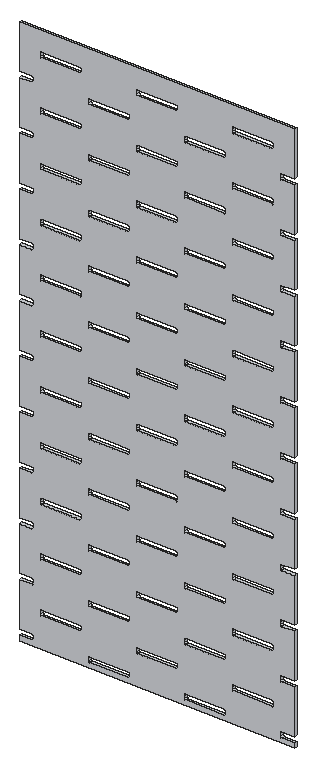
Revit family "J2 PET Felt Room Divider Basket", category Specialty Equipment, Revit 2022
Family settings
  Round Connector Dimension = Use Diameter
  Part Type = Normal
  Work Plane-Based = No
  Always vertical = Yes
  Cut with Voids When Loaded = No
  Maintain Annotation Orientation = No
  Shared = No
  Room Calculation Point = No
Parameters
  URL = "https://www.j2systems.net/"
  Style Number = "RDBASK"  # constant formula
  Symbol Name = "RDBASK"  # constant formula
  Release Date = "2019"  # constant formula
  Product Line = "Room Divider"  # constant formula
  Model = "Basket"  # constant formula
  Manufacturer = "J2 Systems"  # constant formula
  Keynote = ""
  Felt Color = none
  Default Elevation = 0' - 0"
Reference planes (in)
  plane 1 "Center (Front/Back)": y = 0
  plane 2: z = 0
  plane 3 "Center (Left/Right)": x = 0
Forms (in)
  Extrusion 1, solid, material <- "Felt Color"
    sketch origin (0, 0, 0) x (1, 0, 0) y (0, 0, 1)
      loop
        line (-23.5, 0) -> (23.5, 0) -> (23.5, 0.84868) -> (21.39583, 0.84868)
        arc (21.39583, 0.84868) -> (21.2141, 0.92396) -> (21.13883, 1.10569) r 0.257
        line (21.13883, 1.10569) -> (21.13883, 1.54822)
        arc (21.13883, 1.54822) -> (21.2141, 1.72995) -> (21.39583, 1.80523) r 0.257
        line (21.39583, 1.80523) -> (23.5, 1.80523) -> (23.5, 9.41221) -> (21.39583, 9.41221)
        arc (21.39583, 9.41221) -> (21.2141, 9.48748) -> (21.13883, 9.66921) r 0.257
        line (21.13883, 9.66921) -> (21.13883, 10.11175)
        arc (21.13883, 10.11175) -> (21.2141, 10.29347) -> (21.39583, 10.36875) r 0.257
        line (21.39583, 10.36875) -> (23.5, 10.36875) -> (23.5, 17.97298) -> (21.39583, 17.97298)
        arc (21.39583, 17.97298) -> (21.2141, 18.04825) -> (21.13883, 18.22998) r 0.257
        line (21.13883, 18.22998) -> (21.13883, 18.67252)
        arc (21.13883, 18.67252) -> (21.2141, 18.85425) -> (21.39583, 18.92952) r 0.257
        line (21.39583, 18.92952) -> (23.5, 18.92952) -> (23.5, 26.53375) -> (21.39583, 26.53375)
        arc (21.39583, 26.53375) -> (21.2141, 26.60902) -> (21.13883, 26.79075) r 0.257
        line (21.13883, 26.79075) -> (21.13883, 27.23329)
        arc (21.13883, 27.23329) -> (21.2141, 27.41502) -> (21.39583, 27.49029) r 0.257
        line (21.39583, 27.49029) -> (23.5, 27.49029) -> (23.5, 35.09589) -> (21.39583, 35.09589)
        arc (21.39583, 35.09589) -> (21.2141, 35.17117) -> (21.13883, 35.3529) r 0.257
        line (21.13883, 35.3529) -> (21.13883, 35.79543)
        arc (21.13883, 35.79543) -> (21.2141, 35.97716) -> (21.39583, 36.05243) r 0.257
        line (21.39583, 36.05243) -> (23.5, 36.05243) -> (23.5, 43.65666) -> (21.39583, 43.65666)
        arc (21.39583, 43.65666) -> (21.2141, 43.73194) -> (21.13883, 43.91367) r 0.257
        line (21.13883, 43.91367) -> (21.13883, 44.3562)
        arc (21.13883, 44.3562) -> (21.2141, 44.53793) -> (21.39583, 44.61321) r 0.257
        line (21.39583, 44.61321) -> (23.5, 44.61321) -> (23.5, 52.21744) -> (21.39583, 52.21744)
        arc (21.39583, 52.21744) -> (21.2141, 52.29271) -> (21.13883, 52.47444) r 0.257
        line (21.13883, 52.47444) -> (21.13883, 52.91698)
        arc (21.13883, 52.91698) -> (21.2141, 53.09871) -> (21.39583, 53.17398) r 0.257
        line (21.39583, 53.17398) -> (23.5, 53.17398) -> (23.5, 60.77959) -> (21.39583, 60.77959)
        arc (21.39583, 60.77959) -> (21.2141, 60.85486) -> (21.13883, 61.03659) r 0.257
        line (21.13883, 61.03659) -> (21.13883, 61.47913)
        arc (21.13883, 61.47913) -> (21.2141, 61.66085) -> (21.39583, 61.73613) r 0.257
        line (21.39583, 61.73613) -> (23.5, 61.73613) -> (23.5, 69.33761) -> (21.39583, 69.33761)
        arc (21.39583, 69.33761) -> (21.2141, 69.41288) -> (21.13883, 69.59461) r 0.257
        line (21.13883, 69.59461) -> (21.13883, 70.03715)
        arc (21.13883, 70.03715) -> (21.2141, 70.21888) -> (21.39583, 70.29415) r 0.257
        line (21.39583, 70.29415) -> (23.5, 70.29415) -> (23.5, 77.89838) -> (21.39583, 77.89838)
        arc (21.39583, 77.89838) -> (21.2141, 77.97366) -> (21.13883, 78.15538) r 0.257
        line (21.13883, 78.15538) -> (21.13883, 78.59792)
        arc (21.13883, 78.59792) -> (21.2141, 78.77965) -> (21.39583, 78.85492) r 0.257
        line (21.39583, 78.85492) -> (23.5, 78.85492) -> (23.5, 86.45916) -> (21.39583, 86.45916)
        arc (21.39583, 86.45916) -> (21.2141, 86.53443) -> (21.13883, 86.71616) r 0.257
        line (21.13883, 86.71616) -> (21.13883, 87.15869)
        arc (21.13883, 87.15869) -> (21.2141, 87.34042) -> (21.39583, 87.4157) r 0.257
        line (21.39583, 87.4157) -> (23.5, 87.4157) -> (23.5, 95) -> (-23.5, 95) -> (-23.5, 87.4157) -> (-21.39566, 87.4157)
        arc (-21.39566, 87.4157) -> (-21.21394, 87.34042) -> (-21.13866, 87.15869) r 0.257
        line (-21.13866, 87.15869) -> (-21.13866, 86.71616)
        arc (-21.13866, 86.71616) -> (-21.21394, 86.53443) -> (-21.39566, 86.45916) r 0.257
        line (-21.39566, 86.45916) -> (-23.5, 86.45916) -> (-23.5, 78.85492) -> (-21.39566, 78.85492)
        arc (-21.39566, 78.85492) -> (-21.21394, 78.77965) -> (-21.13866, 78.59792) r 0.257
        line (-21.13866, 78.59792) -> (-21.13866, 78.15538)
        arc (-21.13866, 78.15538) -> (-21.21394, 77.97366) -> (-21.39566, 77.89838) r 0.257
        line (-21.39566, 77.89838) -> (-23.5, 77.89838) -> (-23.5, 70.29415) -> (-21.39566, 70.29415)
        arc (-21.39566, 70.29415) -> (-21.21394, 70.21888) -> (-21.13866, 70.03715) r 0.257
        line (-21.13866, 70.03715) -> (-21.13866, 69.59461)
        arc (-21.13866, 69.59461) -> (-21.21394, 69.41288) -> (-21.39566, 69.33761) r 0.257
        line (-21.39566, 69.33761) -> (-23.5, 69.33761) -> (-23.5, 61.73613) -> (-21.39566, 61.73613)
        arc (-21.39566, 61.73613) -> (-21.21394, 61.66085) -> (-21.13866, 61.47913) r 0.257
        line (-21.13866, 61.47913) -> (-21.13866, 61.03659)
        arc (-21.13866, 61.03659) -> (-21.21394, 60.85486) -> (-21.39566, 60.77959) r 0.257
        line (-21.39566, 60.77959) -> (-23.5, 60.77959) -> (-23.5, 53.17398) -> (-21.39566, 53.17398)
        arc (-21.39566, 53.17398) -> (-21.21394, 53.09871) -> (-21.13866, 52.91698) r 0.257
        line (-21.13866, 52.91698) -> (-21.13866, 52.47444)
        arc (-21.13866, 52.47444) -> (-21.21394, 52.29271) -> (-21.39566, 52.21744) r 0.257
        line (-21.39566, 52.21744) -> (-23.5, 52.21744) -> (-23.5, 44.61321) -> (-21.39566, 44.61321)
        arc (-21.39566, 44.61321) -> (-21.21394, 44.53793) -> (-21.13866, 44.3562) r 0.257
        line (-21.13866, 44.3562) -> (-21.13866, 43.91367)
        arc (-21.13866, 43.91367) -> (-21.21394, 43.73194) -> (-21.39566, 43.65666) r 0.257
        line (-21.39566, 43.65666) -> (-23.5, 43.65666) -> (-23.5, 36.05243) -> (-21.39566, 36.05243)
        arc (-21.39566, 36.05243) -> (-21.21394, 35.97716) -> (-21.13866, 35.79543) r 0.257
        line (-21.13866, 35.79543) -> (-21.13866, 35.3529)
        arc (-21.13866, 35.3529) -> (-21.21394, 35.17117) -> (-21.39566, 35.09589) r 0.257
        line (-21.39566, 35.09589) -> (-23.5, 35.09589) -> (-23.5, 27.49029) -> (-21.39566, 27.49029)
        arc (-21.39566, 27.49029) -> (-21.21394, 27.41502) -> (-21.13866, 27.23329) r 0.257
        line (-21.13866, 27.23329) -> (-21.13866, 26.79075)
        arc (-21.13866, 26.79075) -> (-21.21394, 26.60902) -> (-21.39566, 26.53375) r 0.257
        line (-21.39566, 26.53375) -> (-23.5, 26.53375) -> (-23.5, 18.92952) -> (-21.39566, 18.92952)
        arc (-21.39566, 18.92952) -> (-21.21394, 18.85425) -> (-21.13866, 18.67252) r 0.257
        line (-21.13866, 18.67252) -> (-21.13866, 18.22998)
        arc (-21.13866, 18.22998) -> (-21.21394, 18.04825) -> (-21.39566, 17.97298) r 0.257
        line (-21.39566, 17.97298) -> (-23.5, 17.97298) -> (-23.5, 10.36875) -> (-21.39566, 10.36875)
        arc (-21.39566, 10.36875) -> (-21.21394, 10.29347) -> (-21.13866, 10.11175) r 0.257
        line (-21.13866, 10.11175) -> (-21.13866, 9.66921)
        arc (-21.13866, 9.66921) -> (-21.21394, 9.48748) -> (-21.39566, 9.41221) r 0.257
        line (-21.39566, 9.41221) -> (-23.5, 9.41221) -> (-23.5, 1.80523) -> (-21.39566, 1.80523)
        arc (-21.39566, 1.80523) -> (-21.21394, 1.72995) -> (-21.13866, 1.54822) r 0.257
        line (-21.13866, 1.54822) -> (-21.13866, 1.10569)
        arc (-21.13866, 1.10569) -> (-21.21394, 0.92396) -> (-21.39566, 0.84868) r 0.257
        line (-21.39566, 0.84868) -> (-23.5, 0.84868) -> (-23.5, 0)
      loop
        arc (-19.75058, 91.69471) -> (-19.9323, 91.61944) -> (-20.00758, 91.43771) r 0.257
        line (-20.00758, 91.43771) -> (-20.00758, 90.99517)
        arc (-20.00758, 90.99517) -> (-19.9323, 90.81344) -> (-19.75058, 90.73817) r 0.257
        line (-19.75058, 90.73817) -> (-13.16748, 90.73817)
        arc (-13.16748, 90.73817) -> (-12.98575, 90.81344) -> (-12.91048, 90.99517) r 0.257
        line (-12.91048, 90.99517) -> (-12.91048, 91.43771)
        arc (-12.91048, 91.43771) -> (-12.98575, 91.61944) -> (-13.16748, 91.69471) r 0.257
        line (-13.16748, 91.69471) -> (-19.75058, 91.69471)
      loop
        arc (-3.29009, 91.69471) -> (-3.47182, 91.61944) -> (-3.54709, 91.43771) r 0.257
        line (-3.54709, 91.43771) -> (-3.54709, 90.99517)
        arc (-3.54709, 90.99517) -> (-3.47182, 90.81344) -> (-3.29009, 90.73817) r 0.257
        line (-3.29009, 90.73817) -> (3.29301, 90.73817)
        arc (3.29301, 90.73817) -> (3.47473, 90.81344) -> (3.55001, 90.99517) r 0.257
        line (3.55001, 90.99517) -> (3.55001, 91.43771)
        arc (3.55001, 91.43771) -> (3.47473, 91.61944) -> (3.29301, 91.69471) r 0.257
        line (3.29301, 91.69471) -> (-3.29009, 91.69471)
      loop
        arc (13.16628, 91.69471) -> (12.98455, 91.61944) -> (12.90927, 91.43771) r 0.257
        line (12.90927, 91.43771) -> (12.90927, 90.99517)
        arc (12.90927, 90.99517) -> (12.98455, 90.81344) -> (13.16628, 90.73817) r 0.257
        line (13.16628, 90.73817) -> (19.74937, 90.73817)
        arc (19.74937, 90.73817) -> (19.9311, 90.81344) -> (20.00637, 90.99517) r 0.257
        line (20.00637, 90.99517) -> (20.00637, 91.43771)
        arc (20.00637, 91.43771) -> (19.9311, 91.61944) -> (19.74937, 91.69471) r 0.257
        line (19.74937, 91.69471) -> (13.16628, 91.69471)
      loop
        arc (4.93672, 87.4157) -> (4.75499, 87.34042) -> (4.67972, 87.15869) r 0.257
        line (4.67972, 87.15869) -> (4.67972, 86.71616)
        arc (4.67972, 86.71616) -> (4.75499, 86.53443) -> (4.93672, 86.45916) r 0.257
        line (4.93672, 86.45916) -> (11.51981, 86.45916)
        arc (11.51981, 86.45916) -> (11.70154, 86.53443) -> (11.77682, 86.71616) r 0.257
        line (11.77682, 86.71616) -> (11.77682, 87.15869)
        arc (11.77682, 87.15869) -> (11.70154, 87.34042) -> (11.51981, 87.4157) r 0.257
        line (11.51981, 87.4157) -> (4.93672, 87.4157)
      loop
        arc (-11.52102, 87.4157) -> (-11.70275, 87.34042) -> (-11.77802, 87.15869) r 0.257
        line (-11.77802, 87.15869) -> (-11.77802, 86.71616)
        arc (-11.77802, 86.71616) -> (-11.70275, 86.53443) -> (-11.52102, 86.45916) r 0.257
        line (-11.52102, 86.45916) -> (-4.93792, 86.45916)
        arc (-4.93792, 86.45916) -> (-4.7562, 86.53443) -> (-4.68092, 86.71616) r 0.257
        line (-4.68092, 86.71616) -> (-4.68092, 87.15869)
        arc (-4.68092, 87.15869) -> (-4.7562, 87.34042) -> (-4.93792, 87.4157) r 0.257
        line (-4.93792, 87.4157) -> (-11.52102, 87.4157)
      loop
        arc (-19.75058, 83.13394) -> (-19.9323, 83.05866) -> (-20.00758, 82.87693) r 0.257
        line (-20.00758, 82.87693) -> (-20.00758, 82.4344)
        arc (-20.00758, 82.4344) -> (-19.9323, 82.25267) -> (-19.75058, 82.1774) r 0.257
        line (-19.75058, 82.1774) -> (-13.16748, 82.1774)
        arc (-13.16748, 82.1774) -> (-12.98575, 82.25267) -> (-12.91048, 82.4344) r 0.257
        line (-12.91048, 82.4344) -> (-12.91048, 82.87693)
        arc (-12.91048, 82.87693) -> (-12.98575, 83.05866) -> (-13.16748, 83.13394) r 0.257
        line (-13.16748, 83.13394) -> (-19.75058, 83.13394)
      loop
        arc (-3.29009, 83.13394) -> (-3.47182, 83.05866) -> (-3.54709, 82.87693) r 0.257
        line (-3.54709, 82.87693) -> (-3.54709, 82.4344)
        arc (-3.54709, 82.4344) -> (-3.47182, 82.25267) -> (-3.29009, 82.1774) r 0.257
        line (-3.29009, 82.1774) -> (3.29301, 82.1774)
        arc (3.29301, 82.1774) -> (3.47473, 82.25267) -> (3.55001, 82.4344) r 0.257
        line (3.55001, 82.4344) -> (3.55001, 82.87693)
        arc (3.55001, 82.87693) -> (3.47473, 83.05866) -> (3.29301, 83.13394) r 0.257
        line (3.29301, 83.13394) -> (-3.29009, 83.13394)
      loop
        arc (13.16628, 83.13394) -> (12.98455, 83.05866) -> (12.90927, 82.87693) r 0.257
        line (12.90927, 82.87693) -> (12.90927, 82.4344)
        arc (12.90927, 82.4344) -> (12.98455, 82.25267) -> (13.16628, 82.1774) r 0.257
        line (13.16628, 82.1774) -> (19.74937, 82.1774)
        arc (19.74937, 82.1774) -> (19.9311, 82.25267) -> (20.00637, 82.4344) r 0.257
        line (20.00637, 82.4344) -> (20.00637, 82.87693)
        arc (20.00637, 82.87693) -> (19.9311, 83.05866) -> (19.74937, 83.13394) r 0.257
        line (19.74937, 83.13394) -> (13.16628, 83.13394)
      loop
        arc (4.93672, 78.85492) -> (4.75499, 78.77965) -> (4.67972, 78.59792) r 0.257
        line (4.67972, 78.59792) -> (4.67972, 78.15538)
        arc (4.67972, 78.15538) -> (4.75499, 77.97366) -> (4.93672, 77.89838) r 0.257
        line (4.93672, 77.89838) -> (11.51981, 77.89838)
        arc (11.51981, 77.89838) -> (11.70154, 77.97366) -> (11.77682, 78.15538) r 0.257
        line (11.77682, 78.15538) -> (11.77682, 78.59792)
        arc (11.77682, 78.59792) -> (11.70154, 78.77965) -> (11.51981, 78.85492) r 0.257
        line (11.51981, 78.85492) -> (4.93672, 78.85492)
      loop
        arc (-11.52102, 78.85492) -> (-11.70275, 78.77965) -> (-11.77802, 78.59792) r 0.257
        line (-11.77802, 78.59792) -> (-11.77802, 78.15538)
        arc (-11.77802, 78.15538) -> (-11.70275, 77.97366) -> (-11.52102, 77.89838) r 0.257
        line (-11.52102, 77.89838) -> (-4.93792, 77.89838)
        arc (-4.93792, 77.89838) -> (-4.7562, 77.97366) -> (-4.68092, 78.15538) r 0.257
        line (-4.68092, 78.15538) -> (-4.68092, 78.59792)
        arc (-4.68092, 78.59792) -> (-4.7562, 78.77965) -> (-4.93792, 78.85492) r 0.257
        line (-4.93792, 78.85492) -> (-11.52102, 78.85492)
      loop
        arc (-19.75058, 74.57316) -> (-19.9323, 74.49789) -> (-20.00758, 74.31616) r 0.257
        line (-20.00758, 74.31616) -> (-20.00758, 73.87362)
        arc (-20.00758, 73.87362) -> (-19.9323, 73.6919) -> (-19.75058, 73.61662) r 0.257
        line (-19.75058, 73.61662) -> (-13.16748, 73.61662)
        arc (-13.16748, 73.61662) -> (-12.98575, 73.6919) -> (-12.91048, 73.87362) r 0.257
        line (-12.91048, 73.87362) -> (-12.91048, 74.31616)
        arc (-12.91048, 74.31616) -> (-12.98575, 74.49789) -> (-13.16748, 74.57316) r 0.257
        line (-13.16748, 74.57316) -> (-19.75058, 74.57316)
      loop
        arc (-3.29009, 74.57316) -> (-3.47182, 74.49789) -> (-3.54709, 74.31616) r 0.257
        line (-3.54709, 74.31616) -> (-3.54709, 73.87362)
        arc (-3.54709, 73.87362) -> (-3.47182, 73.6919) -> (-3.29009, 73.61662) r 0.257
        line (-3.29009, 73.61662) -> (3.29301, 73.61662)
        arc (3.29301, 73.61662) -> (3.47473, 73.6919) -> (3.55001, 73.87362) r 0.257
        line (3.55001, 73.87362) -> (3.55001, 74.31616)
        arc (3.55001, 74.31616) -> (3.47473, 74.49789) -> (3.29301, 74.57316) r 0.257
        line (3.29301, 74.57316) -> (-3.29009, 74.57316)
      loop
        arc (13.16628, 74.57316) -> (12.98455, 74.49789) -> (12.90927, 74.31616) r 0.257
        line (12.90927, 74.31616) -> (12.90927, 73.87362)
        arc (12.90927, 73.87362) -> (12.98455, 73.6919) -> (13.16628, 73.61662) r 0.257
        line (13.16628, 73.61662) -> (19.74937, 73.61662)
        arc (19.74937, 73.61662) -> (19.9311, 73.6919) -> (20.00637, 73.87362) r 0.257
        line (20.00637, 73.87362) -> (20.00637, 74.31616)
        arc (20.00637, 74.31616) -> (19.9311, 74.49789) -> (19.74937, 74.57316) r 0.257
        line (19.74937, 74.57316) -> (13.16628, 74.57316)
      loop
        arc (4.93672, 70.29415) -> (4.75499, 70.21888) -> (4.67972, 70.03715) r 0.257
        line (4.67972, 70.03715) -> (4.67972, 69.59461)
        arc (4.67972, 69.59461) -> (4.75499, 69.41288) -> (4.93672, 69.33761) r 0.257
        line (4.93672, 69.33761) -> (11.51981, 69.33761)
        arc (11.51981, 69.33761) -> (11.70154, 69.41288) -> (11.77682, 69.59461) r 0.257
        line (11.77682, 69.59461) -> (11.77682, 70.03715)
        arc (11.77682, 70.03715) -> (11.70154, 70.21888) -> (11.51981, 70.29415) r 0.257
        line (11.51981, 70.29415) -> (4.93672, 70.29415)
      loop
        arc (-11.52102, 70.29415) -> (-11.70275, 70.21888) -> (-11.77802, 70.03715) r 0.257
        line (-11.77802, 70.03715) -> (-11.77802, 69.59461)
        arc (-11.77802, 69.59461) -> (-11.70275, 69.41288) -> (-11.52102, 69.33761) r 0.257
        line (-11.52102, 69.33761) -> (-4.93792, 69.33761)
        arc (-4.93792, 69.33761) -> (-4.7562, 69.41288) -> (-4.68092, 69.59461) r 0.257
        line (-4.68092, 69.59461) -> (-4.68092, 70.03715)
        arc (-4.68092, 70.03715) -> (-4.7562, 70.21888) -> (-4.93792, 70.29415) r 0.257
        line (-4.93792, 70.29415) -> (-11.52102, 70.29415)
      loop
        arc (-19.75058, 66.01514) -> (-19.9323, 65.93987) -> (-20.00758, 65.75814) r 0.257
        line (-20.00758, 65.75814) -> (-20.00758, 65.3156)
        arc (-20.00758, 65.3156) -> (-19.9323, 65.13387) -> (-19.75058, 65.0586) r 0.257
        line (-19.75058, 65.0586) -> (-13.16748, 65.0586)
        arc (-13.16748, 65.0586) -> (-12.98575, 65.13387) -> (-12.91048, 65.3156) r 0.257
        line (-12.91048, 65.3156) -> (-12.91048, 65.75814)
        arc (-12.91048, 65.75814) -> (-12.98575, 65.93987) -> (-13.16748, 66.01514) r 0.257
        line (-13.16748, 66.01514) -> (-19.75058, 66.01514)
      loop
        arc (-3.29009, 66.01514) -> (-3.47182, 65.93987) -> (-3.54709, 65.75814) r 0.257
        line (-3.54709, 65.75814) -> (-3.54709, 65.3156)
        arc (-3.54709, 65.3156) -> (-3.47182, 65.13387) -> (-3.29009, 65.0586) r 0.257
        line (-3.29009, 65.0586) -> (3.29301, 65.0586)
        arc (3.29301, 65.0586) -> (3.47473, 65.13387) -> (3.55001, 65.3156) r 0.257
        line (3.55001, 65.3156) -> (3.55001, 65.75814)
        arc (3.55001, 65.75814) -> (3.47473, 65.93987) -> (3.29301, 66.01514) r 0.257
        line (3.29301, 66.01514) -> (-3.29009, 66.01514)
      loop
        arc (13.16628, 66.01514) -> (12.98455, 65.93987) -> (12.90927, 65.75814) r 0.257
        line (12.90927, 65.75814) -> (12.90927, 65.3156)
        arc (12.90927, 65.3156) -> (12.98455, 65.13387) -> (13.16628, 65.0586) r 0.257
        line (13.16628, 65.0586) -> (19.74937, 65.0586)
        arc (19.74937, 65.0586) -> (19.9311, 65.13387) -> (20.00637, 65.3156) r 0.257
        line (20.00637, 65.3156) -> (20.00637, 65.75814)
        arc (20.00637, 65.75814) -> (19.9311, 65.93987) -> (19.74937, 66.01514) r 0.257
        line (19.74937, 66.01514) -> (13.16628, 66.01514)
      loop
        arc (4.93672, 61.73613) -> (4.75499, 61.66085) -> (4.67972, 61.47913) r 0.257
        line (4.67972, 61.47913) -> (4.67972, 61.03659)
        arc (4.67972, 61.03659) -> (4.75499, 60.85486) -> (4.93672, 60.77959) r 0.257
        line (4.93672, 60.77959) -> (11.51981, 60.77959)
        arc (11.51981, 60.77959) -> (11.70154, 60.85486) -> (11.77682, 61.03659) r 0.257
        line (11.77682, 61.03659) -> (11.77682, 61.47913)
        arc (11.77682, 61.47913) -> (11.70154, 61.66085) -> (11.51981, 61.73613) r 0.257
        line (11.51981, 61.73613) -> (4.93672, 61.73613)
      loop
        arc (-11.52102, 61.73613) -> (-11.70275, 61.66085) -> (-11.77802, 61.47913) r 0.257
        line (-11.77802, 61.47913) -> (-11.77802, 61.03659)
        arc (-11.77802, 61.03659) -> (-11.70275, 60.85486) -> (-11.52102, 60.77959) r 0.257
        line (-11.52102, 60.77959) -> (-4.93792, 60.77959)
        arc (-4.93792, 60.77959) -> (-4.7562, 60.85486) -> (-4.68092, 61.03659) r 0.257
        line (-4.68092, 61.03659) -> (-4.68092, 61.47913)
        arc (-4.68092, 61.47913) -> (-4.7562, 61.66085) -> (-4.93792, 61.73613) r 0.257
        line (-4.93792, 61.73613) -> (-11.52102, 61.73613)
      loop
        arc (-19.75058, 57.45299) -> (-19.9323, 57.37772) -> (-20.00758, 57.19599) r 0.257
        line (-20.00758, 57.19599) -> (-20.00758, 56.75345)
        arc (-20.00758, 56.75345) -> (-19.9323, 56.57173) -> (-19.75058, 56.49645) r 0.257
        line (-19.75058, 56.49645) -> (-13.16748, 56.49645)
        arc (-13.16748, 56.49645) -> (-12.98575, 56.57173) -> (-12.91048, 56.75345) r 0.257
        line (-12.91048, 56.75345) -> (-12.91048, 57.19599)
        arc (-12.91048, 57.19599) -> (-12.98575, 57.37772) -> (-13.16748, 57.45299) r 0.257
        line (-13.16748, 57.45299) -> (-19.75058, 57.45299)
      loop
        arc (-3.29009, 57.45299) -> (-3.47182, 57.37772) -> (-3.54709, 57.19599) r 0.257
        line (-3.54709, 57.19599) -> (-3.54709, 56.75345)
        arc (-3.54709, 56.75345) -> (-3.47182, 56.57173) -> (-3.29009, 56.49645) r 0.257
        line (-3.29009, 56.49645) -> (3.29301, 56.49645)
        arc (3.29301, 56.49645) -> (3.47473, 56.57173) -> (3.55001, 56.75345) r 0.257
        line (3.55001, 56.75345) -> (3.55001, 57.19599)
        arc (3.55001, 57.19599) -> (3.47473, 57.37772) -> (3.29301, 57.45299) r 0.257
        line (3.29301, 57.45299) -> (-3.29009, 57.45299)
      loop
        arc (13.16628, 57.45299) -> (12.98455, 57.37772) -> (12.90927, 57.19599) r 0.257
        line (12.90927, 57.19599) -> (12.90927, 56.75345)
        arc (12.90927, 56.75345) -> (12.98455, 56.57173) -> (13.16628, 56.49645) r 0.257
        line (13.16628, 56.49645) -> (19.74937, 56.49645)
        arc (19.74937, 56.49645) -> (19.9311, 56.57173) -> (20.00637, 56.75345) r 0.257
        line (20.00637, 56.75345) -> (20.00637, 57.19599)
        arc (20.00637, 57.19599) -> (19.9311, 57.37772) -> (19.74937, 57.45299) r 0.257
        line (19.74937, 57.45299) -> (13.16628, 57.45299)
      loop
        arc (4.93672, 53.17398) -> (4.75499, 53.09871) -> (4.67972, 52.91698) r 0.257
        line (4.67972, 52.91698) -> (4.67972, 52.47444)
        arc (4.67972, 52.47444) -> (4.75499, 52.29271) -> (4.93672, 52.21744) r 0.257
        line (4.93672, 52.21744) -> (11.51981, 52.21744)
        arc (11.51981, 52.21744) -> (11.70154, 52.29271) -> (11.77682, 52.47444) r 0.257
        line (11.77682, 52.47444) -> (11.77682, 52.91698)
        arc (11.77682, 52.91698) -> (11.70154, 53.09871) -> (11.51981, 53.17398) r 0.257
        line (11.51981, 53.17398) -> (4.93672, 53.17398)
      loop
        arc (-11.52102, 53.17398) -> (-11.70275, 53.09871) -> (-11.77802, 52.91698) r 0.257
        line (-11.77802, 52.91698) -> (-11.77802, 52.47444)
        arc (-11.77802, 52.47444) -> (-11.70275, 52.29271) -> (-11.52102, 52.21744) r 0.257
        line (-11.52102, 52.21744) -> (-4.93792, 52.21744)
        arc (-4.93792, 52.21744) -> (-4.7562, 52.29271) -> (-4.68092, 52.47444) r 0.257
        line (-4.68092, 52.47444) -> (-4.68092, 52.91698)
        arc (-4.68092, 52.91698) -> (-4.7562, 53.09871) -> (-4.93792, 53.17398) r 0.257
        line (-4.93792, 53.17398) -> (-11.52102, 53.17398)
      loop
        arc (-19.75058, 48.89222) -> (-19.9323, 48.81694) -> (-20.00758, 48.63522) r 0.257
        line (-20.00758, 48.63522) -> (-20.00758, 48.19268)
        arc (-20.00758, 48.19268) -> (-19.9323, 48.01095) -> (-19.75058, 47.93568) r 0.257
        line (-19.75058, 47.93568) -> (-13.16748, 47.93568)
        arc (-13.16748, 47.93568) -> (-12.98575, 48.01095) -> (-12.91048, 48.19268) r 0.257
        line (-12.91048, 48.19268) -> (-12.91048, 48.63522)
        arc (-12.91048, 48.63522) -> (-12.98575, 48.81694) -> (-13.16748, 48.89222) r 0.257
        line (-13.16748, 48.89222) -> (-19.75058, 48.89222)
      loop
        arc (-3.29009, 48.89222) -> (-3.47182, 48.81694) -> (-3.54709, 48.63522) r 0.257
        line (-3.54709, 48.63522) -> (-3.54709, 48.19268)
        arc (-3.54709, 48.19268) -> (-3.47182, 48.01095) -> (-3.29009, 47.93568) r 0.257
        line (-3.29009, 47.93568) -> (3.29301, 47.93568)
        arc (3.29301, 47.93568) -> (3.47473, 48.01095) -> (3.55001, 48.19268) r 0.257
        line (3.55001, 48.19268) -> (3.55001, 48.63522)
        arc (3.55001, 48.63522) -> (3.47473, 48.81694) -> (3.29301, 48.89222) r 0.257
        line (3.29301, 48.89222) -> (-3.29009, 48.89222)
      loop
        arc (13.16628, 48.89222) -> (12.98455, 48.81694) -> (12.90927, 48.63522) r 0.257
        line (12.90927, 48.63522) -> (12.90927, 48.19268)
        arc (12.90927, 48.19268) -> (12.98455, 48.01095) -> (13.16628, 47.93568) r 0.257
        line (13.16628, 47.93568) -> (19.74937, 47.93568)
        arc (19.74937, 47.93568) -> (19.9311, 48.01095) -> (20.00637, 48.19268) r 0.257
        line (20.00637, 48.19268) -> (20.00637, 48.63522)
        arc (20.00637, 48.63522) -> (19.9311, 48.81694) -> (19.74937, 48.89222) r 0.257
        line (19.74937, 48.89222) -> (13.16628, 48.89222)
      loop
        arc (4.93672, 44.61321) -> (4.75499, 44.53793) -> (4.67972, 44.3562) r 0.257
        line (4.67972, 44.3562) -> (4.67972, 43.91367)
        arc (4.67972, 43.91367) -> (4.75499, 43.73194) -> (4.93672, 43.65666) r 0.257
        line (4.93672, 43.65666) -> (11.51981, 43.65666)
        arc (11.51981, 43.65666) -> (11.70154, 43.73194) -> (11.77682, 43.91367) r 0.257
        line (11.77682, 43.91367) -> (11.77682, 44.3562)
        arc (11.77682, 44.3562) -> (11.70154, 44.53793) -> (11.51981, 44.61321) r 0.257
        line (11.51981, 44.61321) -> (4.93672, 44.61321)
      loop
        arc (-11.52102, 44.61321) -> (-11.70275, 44.53793) -> (-11.77802, 44.3562) r 0.257
        line (-11.77802, 44.3562) -> (-11.77802, 43.91367)
        arc (-11.77802, 43.91367) -> (-11.70275, 43.73194) -> (-11.52102, 43.65666) r 0.257
        line (-11.52102, 43.65666) -> (-4.93792, 43.65666)
        arc (-4.93792, 43.65666) -> (-4.7562, 43.73194) -> (-4.68092, 43.91367) r 0.257
        line (-4.68092, 43.91367) -> (-4.68092, 44.3562)
        arc (-4.68092, 44.3562) -> (-4.7562, 44.53793) -> (-4.93792, 44.61321) r 0.257
        line (-4.93792, 44.61321) -> (-11.52102, 44.61321)
      loop
        arc (-19.75058, 40.33145) -> (-19.9323, 40.25617) -> (-20.00758, 40.07445) r 0.257
        line (-20.00758, 40.07445) -> (-20.00758, 39.63191)
        arc (-20.00758, 39.63191) -> (-19.9323, 39.45018) -> (-19.75058, 39.37491) r 0.257
        line (-19.75058, 39.37491) -> (-13.16748, 39.37491)
        arc (-13.16748, 39.37491) -> (-12.98575, 39.45018) -> (-12.91048, 39.63191) r 0.257
        line (-12.91048, 39.63191) -> (-12.91048, 40.07445)
        arc (-12.91048, 40.07445) -> (-12.98575, 40.25617) -> (-13.16748, 40.33145) r 0.257
        line (-13.16748, 40.33145) -> (-19.75058, 40.33145)
      loop
        arc (-3.29009, 40.33145) -> (-3.47182, 40.25617) -> (-3.54709, 40.07445) r 0.257
        line (-3.54709, 40.07445) -> (-3.54709, 39.63191)
        arc (-3.54709, 39.63191) -> (-3.47182, 39.45018) -> (-3.29009, 39.37491) r 0.257
        line (-3.29009, 39.37491) -> (3.29301, 39.37491)
        arc (3.29301, 39.37491) -> (3.47473, 39.45018) -> (3.55001, 39.63191) r 0.257
        line (3.55001, 39.63191) -> (3.55001, 40.07445)
        arc (3.55001, 40.07445) -> (3.47473, 40.25617) -> (3.29301, 40.33145) r 0.257
        line (3.29301, 40.33145) -> (-3.29009, 40.33145)
      loop
        arc (13.16628, 40.33145) -> (12.98455, 40.25617) -> (12.90927, 40.07445) r 0.257
        line (12.90927, 40.07445) -> (12.90927, 39.63191)
        arc (12.90927, 39.63191) -> (12.98455, 39.45018) -> (13.16628, 39.37491) r 0.257
        line (13.16628, 39.37491) -> (19.74937, 39.37491)
        arc (19.74937, 39.37491) -> (19.9311, 39.45018) -> (20.00637, 39.63191) r 0.257
        line (20.00637, 39.63191) -> (20.00637, 40.07445)
        arc (20.00637, 40.07445) -> (19.9311, 40.25617) -> (19.74937, 40.33145) r 0.257
        line (19.74937, 40.33145) -> (13.16628, 40.33145)
      loop
        arc (4.93672, 36.05243) -> (4.75499, 35.97716) -> (4.67972, 35.79543) r 0.257
        line (4.67972, 35.79543) -> (4.67972, 35.3529)
        arc (4.67972, 35.3529) -> (4.75499, 35.17117) -> (4.93672, 35.09589) r 0.257
        line (4.93672, 35.09589) -> (11.51981, 35.09589)
        arc (11.51981, 35.09589) -> (11.70154, 35.17117) -> (11.77682, 35.3529) r 0.257
        line (11.77682, 35.3529) -> (11.77682, 35.79543)
        arc (11.77682, 35.79543) -> (11.70154, 35.97716) -> (11.51981, 36.05243) r 0.257
        line (11.51981, 36.05243) -> (4.93672, 36.05243)
      loop
        arc (-11.52102, 36.05243) -> (-11.70275, 35.97716) -> (-11.77802, 35.79543) r 0.257
        line (-11.77802, 35.79543) -> (-11.77802, 35.3529)
        arc (-11.77802, 35.3529) -> (-11.70275, 35.17117) -> (-11.52102, 35.09589) r 0.257
        line (-11.52102, 35.09589) -> (-4.93792, 35.09589)
        arc (-4.93792, 35.09589) -> (-4.7562, 35.17117) -> (-4.68092, 35.3529) r 0.257
        line (-4.68092, 35.3529) -> (-4.68092, 35.79543)
        arc (-4.68092, 35.79543) -> (-4.7562, 35.97716) -> (-4.93792, 36.05243) r 0.257
        line (-4.93792, 36.05243) -> (-11.52102, 36.05243)
      loop
        arc (-19.75058, 31.7693) -> (-19.9323, 31.69403) -> (-20.00758, 31.5123) r 0.257
        line (-20.00758, 31.5123) -> (-20.00758, 31.06976)
        arc (-20.00758, 31.06976) -> (-19.9323, 30.88804) -> (-19.75058, 30.81276) r 0.257
        line (-19.75058, 30.81276) -> (-13.16748, 30.81276)
        arc (-13.16748, 30.81276) -> (-12.98575, 30.88804) -> (-12.91048, 31.06976) r 0.257
        line (-12.91048, 31.06976) -> (-12.91048, 31.5123)
        arc (-12.91048, 31.5123) -> (-12.98575, 31.69403) -> (-13.16748, 31.7693) r 0.257
        line (-13.16748, 31.7693) -> (-19.75058, 31.7693)
      loop
        arc (-3.29009, 31.7693) -> (-3.47182, 31.69403) -> (-3.54709, 31.5123) r 0.257
        line (-3.54709, 31.5123) -> (-3.54709, 31.06976)
        arc (-3.54709, 31.06976) -> (-3.47182, 30.88804) -> (-3.29009, 30.81276) r 0.257
        line (-3.29009, 30.81276) -> (3.29301, 30.81276)
        arc (3.29301, 30.81276) -> (3.47473, 30.88804) -> (3.55001, 31.06976) r 0.257
        line (3.55001, 31.06976) -> (3.55001, 31.5123)
        arc (3.55001, 31.5123) -> (3.47473, 31.69403) -> (3.29301, 31.7693) r 0.257
        line (3.29301, 31.7693) -> (-3.29009, 31.7693)
      loop
        arc (13.16628, 31.7693) -> (12.98455, 31.69403) -> (12.90927, 31.5123) r 0.257
        line (12.90927, 31.5123) -> (12.90927, 31.06976)
        arc (12.90927, 31.06976) -> (12.98455, 30.88804) -> (13.16628, 30.81276) r 0.257
        line (13.16628, 30.81276) -> (19.74937, 30.81276)
        arc (19.74937, 30.81276) -> (19.9311, 30.88804) -> (20.00637, 31.06976) r 0.257
        line (20.00637, 31.06976) -> (20.00637, 31.5123)
        arc (20.00637, 31.5123) -> (19.9311, 31.69403) -> (19.74937, 31.7693) r 0.257
        line (19.74937, 31.7693) -> (13.16628, 31.7693)
      loop
        arc (4.93672, 27.49029) -> (4.75499, 27.41502) -> (4.67972, 27.23329) r 0.257
        line (4.67972, 27.23329) -> (4.67972, 26.79075)
        arc (4.67972, 26.79075) -> (4.75499, 26.60902) -> (4.93672, 26.53375) r 0.257
        line (4.93672, 26.53375) -> (11.51981, 26.53375)
        arc (11.51981, 26.53375) -> (11.70154, 26.60902) -> (11.77682, 26.79075) r 0.257
        line (11.77682, 26.79075) -> (11.77682, 27.23329)
        arc (11.77682, 27.23329) -> (11.70154, 27.41502) -> (11.51981, 27.49029) r 0.257
        line (11.51981, 27.49029) -> (4.93672, 27.49029)
      loop
        arc (-11.52102, 27.49029) -> (-11.70275, 27.41502) -> (-11.77802, 27.23329) r 0.257
        line (-11.77802, 27.23329) -> (-11.77802, 26.79075)
        arc (-11.77802, 26.79075) -> (-11.70275, 26.60902) -> (-11.52102, 26.53375) r 0.257
        line (-11.52102, 26.53375) -> (-4.93792, 26.53375)
        arc (-4.93792, 26.53375) -> (-4.7562, 26.60902) -> (-4.68092, 26.79075) r 0.257
        line (-4.68092, 26.79075) -> (-4.68092, 27.23329)
        arc (-4.68092, 27.23329) -> (-4.7562, 27.41502) -> (-4.93792, 27.49029) r 0.257
        line (-4.93792, 27.49029) -> (-11.52102, 27.49029)
      loop
        arc (-19.75058, 23.20853) -> (-19.9323, 23.13326) -> (-20.00758, 22.95153) r 0.257
        line (-20.00758, 22.95153) -> (-20.00758, 22.50899)
        arc (-20.00758, 22.50899) -> (-19.9323, 22.32727) -> (-19.75058, 22.25199) r 0.257
        line (-19.75058, 22.25199) -> (-13.16748, 22.25199)
        arc (-13.16748, 22.25199) -> (-12.98575, 22.32727) -> (-12.91048, 22.50899) r 0.257
        line (-12.91048, 22.50899) -> (-12.91048, 22.95153)
        arc (-12.91048, 22.95153) -> (-12.98575, 23.13326) -> (-13.16748, 23.20853) r 0.257
        line (-13.16748, 23.20853) -> (-19.75058, 23.20853)
      loop
        arc (-3.29009, 23.20853) -> (-3.47182, 23.13326) -> (-3.54709, 22.95153) r 0.257
        line (-3.54709, 22.95153) -> (-3.54709, 22.50899)
        arc (-3.54709, 22.50899) -> (-3.47182, 22.32727) -> (-3.29009, 22.25199) r 0.257
        line (-3.29009, 22.25199) -> (3.29301, 22.25199)
        arc (3.29301, 22.25199) -> (3.47473, 22.32727) -> (3.55001, 22.50899) r 0.257
        line (3.55001, 22.50899) -> (3.55001, 22.95153)
        arc (3.55001, 22.95153) -> (3.47473, 23.13326) -> (3.29301, 23.20853) r 0.257
        line (3.29301, 23.20853) -> (-3.29009, 23.20853)
      loop
        arc (13.16628, 23.20853) -> (12.98455, 23.13326) -> (12.90927, 22.95153) r 0.257
        line (12.90927, 22.95153) -> (12.90927, 22.50899)
        arc (12.90927, 22.50899) -> (12.98455, 22.32727) -> (13.16628, 22.25199) r 0.257
        line (13.16628, 22.25199) -> (19.74937, 22.25199)
        arc (19.74937, 22.25199) -> (19.9311, 22.32727) -> (20.00637, 22.50899) r 0.257
        line (20.00637, 22.50899) -> (20.00637, 22.95153)
        arc (20.00637, 22.95153) -> (19.9311, 23.13326) -> (19.74937, 23.20853) r 0.257
        line (19.74937, 23.20853) -> (13.16628, 23.20853)
      loop
        arc (4.93672, 18.92952) -> (4.75499, 18.85425) -> (4.67972, 18.67252) r 0.257
        line (4.67972, 18.67252) -> (4.67972, 18.22998)
        arc (4.67972, 18.22998) -> (4.75499, 18.04825) -> (4.93672, 17.97298) r 0.257
        line (4.93672, 17.97298) -> (11.51981, 17.97298)
        arc (11.51981, 17.97298) -> (11.70154, 18.04825) -> (11.77682, 18.22998) r 0.257
        line (11.77682, 18.22998) -> (11.77682, 18.67252)
        arc (11.77682, 18.67252) -> (11.70154, 18.85425) -> (11.51981, 18.92952) r 0.257
        line (11.51981, 18.92952) -> (4.93672, 18.92952)
      loop
        arc (-11.52102, 18.92952) -> (-11.70275, 18.85425) -> (-11.77802, 18.67252) r 0.257
        line (-11.77802, 18.67252) -> (-11.77802, 18.22998)
        arc (-11.77802, 18.22998) -> (-11.70275, 18.04825) -> (-11.52102, 17.97298) r 0.257
        line (-11.52102, 17.97298) -> (-4.93792, 17.97298)
        arc (-4.93792, 17.97298) -> (-4.7562, 18.04825) -> (-4.68092, 18.22998) r 0.257
        line (-4.68092, 18.22998) -> (-4.68092, 18.67252)
        arc (-4.68092, 18.67252) -> (-4.7562, 18.85425) -> (-4.93792, 18.92952) r 0.257
        line (-4.93792, 18.92952) -> (-11.52102, 18.92952)
      loop
        arc (-19.75058, 14.64776) -> (-19.9323, 14.57249) -> (-20.00758, 14.39076) r 0.257
        line (-20.00758, 14.39076) -> (-20.00758, 13.94822)
        arc (-20.00758, 13.94822) -> (-19.9323, 13.76649) -> (-19.75058, 13.69122) r 0.257
        line (-19.75058, 13.69122) -> (-13.16748, 13.69122)
        arc (-13.16748, 13.69122) -> (-12.98575, 13.76649) -> (-12.91048, 13.94822) r 0.257
        line (-12.91048, 13.94822) -> (-12.91048, 14.39076)
        arc (-12.91048, 14.39076) -> (-12.98575, 14.57249) -> (-13.16748, 14.64776) r 0.257
        line (-13.16748, 14.64776) -> (-19.75058, 14.64776)
      loop
        arc (-3.29009, 14.64776) -> (-3.47182, 14.57249) -> (-3.54709, 14.39076) r 0.257
        line (-3.54709, 14.39076) -> (-3.54709, 13.94822)
        arc (-3.54709, 13.94822) -> (-3.47182, 13.76649) -> (-3.29009, 13.69122) r 0.257
        line (-3.29009, 13.69122) -> (3.29301, 13.69122)
        arc (3.29301, 13.69122) -> (3.47473, 13.76649) -> (3.55001, 13.94822) r 0.257
        line (3.55001, 13.94822) -> (3.55001, 14.39076)
        arc (3.55001, 14.39076) -> (3.47473, 14.57249) -> (3.29301, 14.64776) r 0.257
        line (3.29301, 14.64776) -> (-3.29009, 14.64776)
      loop
        arc (13.16628, 14.64776) -> (12.98455, 14.57249) -> (12.90927, 14.39076) r 0.257
        line (12.90927, 14.39076) -> (12.90927, 13.94822)
        arc (12.90927, 13.94822) -> (12.98455, 13.76649) -> (13.16628, 13.69122) r 0.257
        line (13.16628, 13.69122) -> (19.74937, 13.69122)
        arc (19.74937, 13.69122) -> (19.9311, 13.76649) -> (20.00637, 13.94822) r 0.257
        line (20.00637, 13.94822) -> (20.00637, 14.39076)
        arc (20.00637, 14.39076) -> (19.9311, 14.57249) -> (19.74937, 14.64776) r 0.257
        line (19.74937, 14.64776) -> (13.16628, 14.64776)
      loop
        arc (4.93672, 10.36875) -> (4.75499, 10.29347) -> (4.67972, 10.11175) r 0.257
        line (4.67972, 10.11175) -> (4.67972, 9.66921)
        arc (4.67972, 9.66921) -> (4.75499, 9.48748) -> (4.93672, 9.41221) r 0.257
        line (4.93672, 9.41221) -> (11.51981, 9.41221)
        arc (11.51981, 9.41221) -> (11.70154, 9.48748) -> (11.77682, 9.66921) r 0.257
        line (11.77682, 9.66921) -> (11.77682, 10.11175)
        arc (11.77682, 10.11175) -> (11.70154, 10.29347) -> (11.51981, 10.36875) r 0.257
        line (11.51981, 10.36875) -> (4.93672, 10.36875)
      loop
        arc (-11.52102, 10.36875) -> (-11.70275, 10.29347) -> (-11.77802, 10.11175) r 0.257
        line (-11.77802, 10.11175) -> (-11.77802, 9.66921)
        arc (-11.77802, 9.66921) -> (-11.70275, 9.48748) -> (-11.52102, 9.41221) r 0.257
        line (-11.52102, 9.41221) -> (-4.93792, 9.41221)
        arc (-4.93792, 9.41221) -> (-4.7562, 9.48748) -> (-4.68092, 9.66921) r 0.257
        line (-4.68092, 9.66921) -> (-4.68092, 10.11175)
        arc (-4.68092, 10.11175) -> (-4.7562, 10.29347) -> (-4.93792, 10.36875) r 0.257
        line (-4.93792, 10.36875) -> (-11.52102, 10.36875)
      loop
        arc (-19.75058, 6.08424) -> (-19.9323, 6.00896) -> (-20.00758, 5.82724) r 0.257
        line (-20.00758, 5.82724) -> (-20.00758, 5.3847)
        arc (-20.00758, 5.3847) -> (-19.9323, 5.20297) -> (-19.75058, 5.1277) r 0.257
        line (-19.75058, 5.1277) -> (-13.16748, 5.1277)
        arc (-13.16748, 5.1277) -> (-12.98575, 5.20297) -> (-12.91048, 5.3847) r 0.257
        line (-12.91048, 5.3847) -> (-12.91048, 5.82724)
        arc (-12.91048, 5.82724) -> (-12.98575, 6.00896) -> (-13.16748, 6.08424) r 0.257
        line (-13.16748, 6.08424) -> (-19.75058, 6.08424)
      loop
        arc (-3.29009, 6.08424) -> (-3.47182, 6.00896) -> (-3.54709, 5.82724) r 0.257
        line (-3.54709, 5.82724) -> (-3.54709, 5.3847)
        arc (-3.54709, 5.3847) -> (-3.47182, 5.20297) -> (-3.29009, 5.1277) r 0.257
        line (-3.29009, 5.1277) -> (3.29301, 5.1277)
        arc (3.29301, 5.1277) -> (3.47473, 5.20297) -> (3.55001, 5.3847) r 0.257
        line (3.55001, 5.3847) -> (3.55001, 5.82724)
        arc (3.55001, 5.82724) -> (3.47473, 6.00896) -> (3.29301, 6.08424) r 0.257
        line (3.29301, 6.08424) -> (-3.29009, 6.08424)
      loop
        arc (13.16628, 6.08424) -> (12.98455, 6.00896) -> (12.90927, 5.82724) r 0.257
        line (12.90927, 5.82724) -> (12.90927, 5.3847)
        arc (12.90927, 5.3847) -> (12.98455, 5.20297) -> (13.16628, 5.1277) r 0.257
        line (13.16628, 5.1277) -> (19.74937, 5.1277)
        arc (19.74937, 5.1277) -> (19.9311, 5.20297) -> (20.00637, 5.3847) r 0.257
        line (20.00637, 5.3847) -> (20.00637, 5.82724)
        arc (20.00637, 5.82724) -> (19.9311, 6.00896) -> (19.74937, 6.08424) r 0.257
        line (19.74937, 6.08424) -> (13.16628, 6.08424)
      loop
        arc (4.93672, 1.80523) -> (4.75499, 1.72995) -> (4.67972, 1.54822) r 0.257
        line (4.67972, 1.54822) -> (4.67972, 1.10569)
        arc (4.67972, 1.10569) -> (4.75499, 0.92396) -> (4.93672, 0.84868) r 0.257
        line (4.93672, 0.84868) -> (11.51981, 0.84868)
        arc (11.51981, 0.84868) -> (11.70154, 0.92396) -> (11.77682, 1.10569) r 0.257
        line (11.77682, 1.10569) -> (11.77682, 1.54822)
        arc (11.77682, 1.54822) -> (11.70154, 1.72995) -> (11.51981, 1.80523) r 0.257
        line (11.51981, 1.80523) -> (4.93672, 1.80523)
      loop
        arc (-11.52102, 1.80523) -> (-11.70275, 1.72995) -> (-11.77802, 1.54822) r 0.257
        line (-11.77802, 1.54822) -> (-11.77802, 1.10569)
        arc (-11.77802, 1.10569) -> (-11.70275, 0.92396) -> (-11.52102, 0.84868) r 0.257
        line (-11.52102, 0.84868) -> (-4.93792, 0.84868)
        arc (-4.93792, 0.84868) -> (-4.7562, 0.92396) -> (-4.68092, 1.10569) r 0.257
        line (-4.68092, 1.10569) -> (-4.68092, 1.54822)
        arc (-4.68092, 1.54822) -> (-4.7562, 1.72995) -> (-4.93792, 1.80523) r 0.257
        line (-4.93792, 1.80523) -> (-11.52102, 1.80523)
    from 0.25 to -0.25
Dimensions and locks (in)
  aligned and locked: level to plane 2
